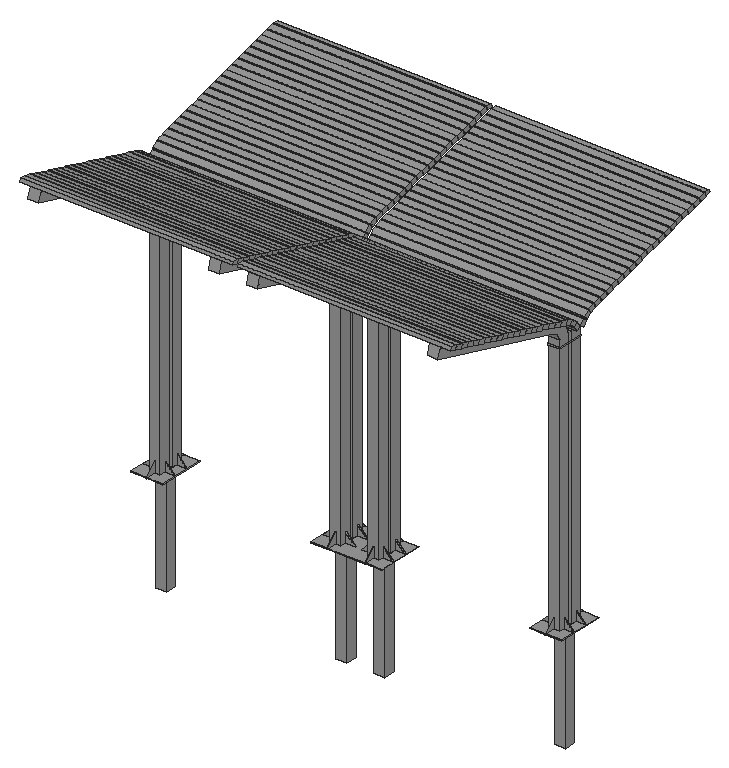
Revit family "28546 Навес «Кайлас» двойной двухсторонний открытый Хоббика", category Антураж, Revit 2018
Family settings
  На основе рабочей плоскости = Нет
  Всегда вертикально = Да
  При загрузке вырезать с полостями = Нет
  Источник визуального образа = Геометрия семейства
  Общий = Нет
  Точка расчета площади = Нет
Parameters (values of type "Навес «Кайлас» двойной двухсторонний открытый")
  Ширина = 3050 mm  # constant formula
  Цвет отделки = Дерево
  Цвет каркаса = Сталь
  Описание = "Навес «Кайлас» двойной двухсторонний открытый"  # constant formula
  Материал изделия = "Сталь, дерево"  # constant formula
  Изображение типоразмера = Навес «Кайлас» двойной двухсторонний открытый Арт 28546.jpg
  Изготовитель = "ООО «Хоббика»"  # constant formula
  Длина = 4000 mm  # constant formula
  Группа модели = "Навесы и беседки"  # constant formula
  Высота = 3000 mm  # constant formula
  Артикул товара = "Арт. 28546"  # constant formula
  URL = "https://hobbyka.ru/product/naves_kaylas_dvoynoy_dvukhstoronniy_otkrytyy"
Reference planes
  plane 1 "По центру (Вперед/Назад)": y = 0
  plane 2: z = 0
  plane 3 "По центру (Влево/Вправо)": x = 0
  plane 4: x = 4000
  plane 5: y = 3050
  plane 6: z = 3000
Forms (mm)
  Extrusion 1, solid, material "Дерево" <- "Цвет отделки"
    sketch origin (0, 0, 0) x (0, 1, 0) y (0, 0, 1)
      loop
        line (1747.61, 2657.973) -> (1689.827, 2641.814) -> (1700.599, 2603.292) -> (1758.383, 2619.451) -> (1747.61, 2657.973)
      loop
        arc (1680.196, 2639.121) -> (1651.879, 2629.274) -> (1624.997, 2616) r 241.97
        line (1624.997, 2616) -> (1644.894, 2581.3)
        arc (1644.894, 2581.3) -> (1667.333, 2592.379) -> (1690.969, 2600.599) r 201.97
        line (1690.969, 2600.599) -> (1680.196, 2639.121)
      loop
        line (1637.741, 2577) -> (1616.427, 2610.848)
        arc (1616.427, 2610.848) -> (1592.095, 2593.331) -> (1570.117, 2572.94) r 241.97
        line (1570.117, 2572.94) -> (1599.087, 2545.359)
        arc (1599.087, 2545.359) -> (1617.432, 2562.379) -> (1637.741, 2577) r 201.97
      loop
        line (1593.458, 2539.196) -> (1563.373, 2565.558)
        arc (1563.373, 2565.558) -> (1545.05, 2541.828) -> (1529.801, 2516.014) r 241.97
        line (1529.801, 2516.014) -> (1565.436, 2497.843)
        arc (1565.436, 2497.843) -> (1578.163, 2519.389) -> (1593.458, 2539.196) r 201.97
      loop
        line (1815.024, 2676.825) -> (1757.241, 2660.666) -> (1768.013, 2622.144) -> (1825.796, 2638.303) -> (1815.024, 2676.825)
      loop
        line (1882.437, 2695.677) -> (1824.654, 2679.518) -> (1835.427, 2640.996) -> (1893.21, 2657.155) -> (1882.437, 2695.677)
      loop
        line (1949.851, 2714.529) -> (1892.068, 2698.37) -> (1902.841, 2659.848) -> (1960.624, 2676.007) -> (1949.851, 2714.529)
      loop
        line (2017.265, 2733.381) -> (1959.482, 2717.222) -> (1970.254, 2678.7) -> (2028.037, 2694.858) -> (2017.265, 2733.381)
      loop
        line (2084.679, 2752.232) -> (2026.895, 2736.074) -> (2037.668, 2697.552) -> (2095.451, 2713.71) -> (2084.679, 2752.232)
      loop
        line (2152.092, 2771.084) -> (2094.309, 2754.926) -> (2105.082, 2716.403) -> (2162.865, 2732.562) -> (2152.092, 2771.084)
      loop
        line (2219.506, 2789.936) -> (2161.723, 2773.777) -> (2172.495, 2735.255) -> (2230.278, 2751.414) -> (2219.506, 2789.936)
      loop
        line (2286.92, 2808.788) -> (2229.137, 2792.629) -> (2239.909, 2754.107) -> (2297.692, 2770.266) -> (2286.92, 2808.788)
      loop
        line (2354.333, 2827.64) -> (2296.55, 2811.481) -> (2307.323, 2772.959) -> (2365.106, 2789.118) -> (2354.333, 2827.64)
      loop
        line (2421.747, 2846.492) -> (2363.964, 2830.333) -> (2374.736, 2791.811) -> (2432.52, 2807.97) -> (2421.747, 2846.492)
      loop
        line (2489.161, 2865.344) -> (2431.378, 2849.185) -> (2442.15, 2810.663) -> (2499.933, 2826.822) -> (2489.161, 2865.344)
      loop
        line (2556.574, 2884.196) -> (2498.791, 2868.037) -> (2509.564, 2829.515) -> (2567.347, 2845.673) -> (2556.574, 2884.196)
      loop
        line (2623.988, 2903.047) -> (2566.205, 2886.889) -> (2576.977, 2848.367) -> (2634.761, 2864.525) -> (2623.988, 2903.047)
      loop
        line (2691.402, 2921.899) -> (2633.619, 2905.741) -> (2644.391, 2867.218) -> (2702.174, 2883.377) -> (2691.402, 2921.899)
      loop
        line (2758.816, 2940.751) -> (2701.032, 2924.592) -> (2711.805, 2886.07) -> (2769.588, 2902.229) -> (2758.816, 2940.751)
      loop
        line (2826.229, 2959.603) -> (2768.446, 2943.444) -> (2779.219, 2904.922) -> (2837.002, 2921.081) -> (2826.229, 2959.603)
      loop
        line (2893.643, 2978.455) -> (2835.86, 2962.296) -> (2846.632, 2923.774) -> (2904.415, 2939.933) -> (2893.643, 2978.455)
      loop
        line (2961.057, 2997.307) -> (2903.273, 2981.148) -> (2914.046, 2942.626) -> (2971.829, 2958.785) -> (2961.057, 2997.307)
      loop
        line (3023.069, 2973.114) -> (3015.55, 3000) -> (2970.687, 3000) -> (2981.46, 2961.478) -> (3023.069, 2973.114)
      loop
        line (1302.39, 2657.973) -> (1291.617, 2619.451) -> (1349.401, 2603.292) -> (1360.173, 2641.814) -> (1302.39, 2657.973)
      loop
        line (1369.804, 2639.121) -> (1359.031, 2600.599)
        arc (1359.031, 2600.599) -> (1382.667, 2592.379) -> (1405.106, 2581.3) r 201.97
        line (1405.106, 2581.3) -> (1425.003, 2616)
        arc (1425.003, 2616) -> (1398.121, 2629.274) -> (1369.804, 2639.121) r 241.97
      loop
        arc (1412.259, 2577) -> (1432.568, 2562.379) -> (1450.913, 2545.359) r 201.97
        line (1450.913, 2545.359) -> (1479.883, 2572.94)
        arc (1479.883, 2572.94) -> (1457.905, 2593.331) -> (1433.573, 2610.848) r 241.97
        line (1433.573, 2610.848) -> (1412.259, 2577)
      loop
        arc (1456.542, 2539.196) -> (1471.837, 2519.389) -> (1484.564, 2497.843) r 201.97
        line (1484.564, 2497.843) -> (1520.199, 2516.014)
        arc (1520.199, 2516.014) -> (1504.95, 2541.828) -> (1486.627, 2565.558) r 241.97
        line (1486.627, 2565.558) -> (1456.542, 2539.196)
      loop
        line (1234.976, 2676.825) -> (1224.204, 2638.303) -> (1281.987, 2622.144) -> (1292.759, 2660.666) -> (1234.976, 2676.825)
      loop
        line (1167.563, 2695.677) -> (1156.79, 2657.155) -> (1214.573, 2640.996) -> (1225.346, 2679.518) -> (1167.563, 2695.677)
      loop
        line (1100.149, 2714.529) -> (1089.376, 2676.007) -> (1147.159, 2659.848) -> (1157.932, 2698.37) -> (1100.149, 2714.529)
      loop
        line (1032.735, 2733.381) -> (1021.963, 2694.858) -> (1079.746, 2678.7) -> (1090.518, 2717.222) -> (1032.735, 2733.381)
      loop
        line (965.321, 2752.232) -> (954.549, 2713.71) -> (1012.332, 2697.552) -> (1023.105, 2736.074) -> (965.321, 2752.232)
      loop
        line (897.908, 2771.084) -> (887.135, 2732.562) -> (944.918, 2716.403) -> (955.691, 2754.926) -> (897.908, 2771.084)
      loop
        line (830.494, 2789.936) -> (819.722, 2751.414) -> (877.505, 2735.255) -> (888.277, 2773.777) -> (830.494, 2789.936)
      loop
        line (763.08, 2808.788) -> (752.308, 2770.266) -> (810.091, 2754.107) -> (820.863, 2792.629) -> (763.08, 2808.788)
      loop
        line (695.667, 2827.64) -> (684.894, 2789.118) -> (742.677, 2772.959) -> (753.45, 2811.481) -> (695.667, 2827.64)
      loop
        line (628.253, 2846.492) -> (617.48, 2807.97) -> (675.264, 2791.811) -> (686.036, 2830.333) -> (628.253, 2846.492)
      loop
        line (560.839, 2865.344) -> (550.067, 2826.822) -> (607.85, 2810.663) -> (618.622, 2849.185) -> (560.839, 2865.344)
      loop
        line (493.426, 2884.196) -> (482.653, 2845.673) -> (540.436, 2829.515) -> (551.209, 2868.037) -> (493.426, 2884.196)
      loop
        line (426.012, 2903.047) -> (415.239, 2864.525) -> (473.023, 2848.367) -> (483.795, 2886.889) -> (426.012, 2903.047)
      loop
        line (358.598, 2921.899) -> (347.826, 2883.377) -> (405.609, 2867.218) -> (416.381, 2905.741) -> (358.598, 2921.899)
      loop
        line (291.184, 2940.751) -> (280.412, 2902.229) -> (338.195, 2886.07) -> (348.968, 2924.592) -> (291.184, 2940.751)
      loop
        line (223.771, 2959.603) -> (212.998, 2921.081) -> (270.781, 2904.922) -> (281.554, 2943.444) -> (223.771, 2959.603)
      loop
        line (156.357, 2978.455) -> (145.585, 2939.933) -> (203.368, 2923.774) -> (214.14, 2962.296) -> (156.357, 2978.455)
      loop
        line (88.943, 2997.307) -> (78.171, 2958.785) -> (135.954, 2942.626) -> (146.727, 2981.148) -> (88.943, 2997.307)
      loop
        line (26.931, 2973.114) -> (68.54, 2961.478) -> (79.313, 3000) -> (34.45, 3000) -> (26.931, 2973.114)
    from 0 to 1975
  Extrusion 2, solid, material "Сталь" <- "Цвет каркаса"
    sketch origin (0, 0, 0) x (0, 1, 0) y (0, 0, 1)
      loop
        line (1545, 2431.527) -> (1545, 0) -> (1645, 0) -> (1645, 2424.129)
        arc (1645, 2424.129) -> (1669.921, 2474.696) -> (1717.9, 2504.294) r 101.97
        line (1717.9, 2504.294) -> (3050, 2876.808) -> (3023.069, 2973.114) -> (1690.969, 2600.599)
        arc (1690.969, 2600.599) -> (1592.485, 2538.078) -> (1545, 2431.527) r 201.97
      loop
        arc (1505, 2431.527) -> (1457.515, 2538.078) -> (1359.031, 2600.599) r 201.97
        line (1359.031, 2600.599) -> (26.931, 2973.114) -> (0, 2876.808) -> (1332.1, 2504.294)
        arc (1332.1, 2504.294) -> (1380.079, 2474.696) -> (1405, 2424.129) r 101.97
        line (1405, 2424.129) -> (1405, 0) -> (1505, 0) -> (1505, 2431.527)
    from 100 to 200
  Extrusion 3, solid, material "Сталь" <- "Цвет каркаса"
    sketch origin (0, 0, 0) x (0, 1, 0) y (0, 0, 1)
      loop
        arc (1505, 2431.527) -> (1457.515, 2538.078) -> (1359.031, 2600.599) r 201.97
        line (1359.031, 2600.599) -> (26.931, 2973.114) -> (0, 2876.808) -> (1332.1, 2504.294)
        arc (1332.1, 2504.294) -> (1380.079, 2474.696) -> (1405, 2424.129) r 101.97
        line (1405, 2424.129) -> (1405, 5) -> (1452.5, 5) -> (1452.5, 100) -> (1457.5, 100) -> (1457.5, 5) -> (1505, 5) -> (1505, 2431.527)
      loop
        line (1545, 5) -> (1592.5, 5) -> (1592.5, 100) -> (1597.5, 100) -> (1597.5, 5) -> (1645, 5) -> (1645, 2424.129)
        arc (1645, 2424.129) -> (1669.921, 2474.696) -> (1717.9, 2504.294) r 101.97
        line (1717.9, 2504.294) -> (3050, 2876.808) -> (3023.069, 2973.114) -> (1690.969, 2600.599)
        arc (1690.969, 2600.599) -> (1592.485, 2538.078) -> (1545, 2431.527) r 201.97
        line (1545, 2431.527) -> (1545, 5)
    from 1775 to 1875
  Extrusion 4, solid, material "Сталь" <- "Цвет каркаса"
    sketch origin (0, 0, 0) x (0, 1, 0) y (0, 0, 1)
      loop
        arc (1505, 2431.527) -> (1457.515, 2538.078) -> (1359.031, 2600.599) r 201.97
        line (1359.031, 2600.599) -> (26.931, 2973.114) -> (0, 2876.808) -> (1332.1, 2504.294)
        arc (1332.1, 2504.294) -> (1380.079, 2474.696) -> (1405, 2424.129) r 101.97
        line (1405, 2424.129) -> (1405, 5) -> (1452.5, 5) -> (1452.5, 100) -> (1457.5, 100) -> (1457.5, 5) -> (1505, 5) -> (1505, 2431.527)
      loop
        line (1545, 5) -> (1592.5, 5) -> (1592.5, 100) -> (1597.5, 100) -> (1597.5, 5) -> (1645, 5) -> (1645, 2424.129)
        arc (1645, 2424.129) -> (1669.921, 2474.696) -> (1717.9, 2504.294) r 101.97
        line (1717.9, 2504.294) -> (3050, 2876.808) -> (3023.069, 2973.114) -> (1690.969, 2600.599)
        arc (1690.969, 2600.599) -> (1592.485, 2538.078) -> (1545, 2431.527) r 201.97
        line (1545, 2431.527) -> (1545, 5)
    from 2125 to 2225
  Extrusion 5, solid, material "Сталь" <- "Цвет каркаса"
    sketch origin (0, 0, 0) x (0, 1, 0) y (0, 0, 1)
      loop
        arc (1505, 2431.527) -> (1457.515, 2538.078) -> (1359.031, 2600.599) r 201.97
        line (1359.031, 2600.599) -> (26.931, 2973.114) -> (0, 2876.808) -> (1332.1, 2504.294)
        arc (1332.1, 2504.294) -> (1380.079, 2474.696) -> (1405, 2424.129) r 101.97
        line (1405, 2424.129) -> (1405, 5) -> (1452.5, 5) -> (1452.5, 100) -> (1457.5, 100) -> (1457.5, 5) -> (1505, 5) -> (1505, 2431.527)
      loop
        line (1545, 5) -> (1592.5, 5) -> (1592.5, 100) -> (1597.5, 100) -> (1597.5, 5) -> (1645, 5) -> (1645, 2424.129)
        arc (1645, 2424.129) -> (1669.921, 2474.696) -> (1717.9, 2504.294) r 101.97
        line (1717.9, 2504.294) -> (3050, 2876.808) -> (3023.069, 2973.114) -> (1690.969, 2600.599)
        arc (1690.969, 2600.599) -> (1592.485, 2538.078) -> (1545, 2431.527) r 201.97
        line (1545, 2431.527) -> (1545, 5)
    from 3800 to 3900
  Extrusion 6, solid, material "Сталь" <- "Цвет каркаса"
    sketch origin (0, 0, 0) x (1, 0, 0) y (0, 1, 0)
      loop
        line (100, 1475) -> (200, 1475) -> (200, 1575) -> (100, 1575) -> (100, 1475)
      loop
        line (1775, 1475) -> (1875, 1475) -> (1875, 1575) -> (1775, 1575) -> (1775, 1475)
      loop
        line (2125, 1475) -> (2225, 1475) -> (2225, 1575) -> (2125, 1575) -> (2125, 1475)
      loop
        line (3800, 1475) -> (3900, 1475) -> (3900, 1575) -> (3800, 1575) -> (3800, 1475)
    from 0 to -1000
  Extrusion 7, solid, material "Сталь" <- "Цвет каркаса"
    sketch origin (0, 0, 0) x (1, 0, 0) y (0, 1, 0)
      loop
        line (300, 1310) -> (300, 1740) -> (0, 1740) -> (0, 1310) -> (300, 1310)
      loop
        line (1675, 1740) -> (1675, 1310) -> (2325, 1310) -> (2325, 1740) -> (1675, 1740)
      loop
        line (4000, 1310) -> (4000, 1740) -> (3700, 1740) -> (3700, 1310) -> (4000, 1310)
    from 0 to 5
  Extrusion 8, solid, material "Сталь" <- "Цвет каркаса"
    sketch origin (0, 0, 0) x (0, 1, 0) y (0, 0, 1)
      loop
        line (1645, 0) -> (1745, 0) -> (1645, 100) -> (1645, 0)
      loop
        line (1405, 100) -> (1305, 0) -> (1405, 0) -> (1405, 100)
    from 147.5 to 152.5
  Extrusion 9, solid, material "Сталь" <- "Цвет каркаса"
    sketch origin (0, 0, 0) x (1, 0, 0) y (0, 0, 1)
      loop
        line (100, 100) -> (0, 0) -> (100, 0) -> (100, 100)
      loop
        line (200, 100) -> (200, 0) -> (300, 0) -> (200, 100)
      loop
        line (1775, 100) -> (1675, 0) -> (1775, 0) -> (1775, 100)
      loop
        line (1875, 100) -> (1875, 0) -> (1975, 0) -> (1875, 100)
      loop
        line (2125, 100) -> (2025, 0) -> (2125, 0) -> (2125, 100)
      loop
        line (2225, 100) -> (2225, 0) -> (2325, 0) -> (2225, 100)
      loop
        line (3800, 100) -> (3700, 0) -> (3800, 0) -> (3800, 100)
      loop
        line (3900, 100) -> (3900, 0) -> (4000, 0) -> (3900, 100)
    from -1457.5 to -1452.5
  Extrusion 10, solid, material "Сталь" <- "Цвет каркаса"
    sketch origin (0, 0, 0) x (1, 0, 0) y (0, 0, 1)
      loop
        line (100, 100) -> (0, 0) -> (100, 0) -> (100, 100)
      loop
        line (200, 100) -> (200, 0) -> (300, 0) -> (200, 100)
      loop
        line (1775, 100) -> (1675, 0) -> (1775, 0) -> (1775, 100)
      loop
        line (1875, 100) -> (1875, 0) -> (1975, 0) -> (1875, 100)
      loop
        line (2125, 100) -> (2025, 0) -> (2125, 0) -> (2125, 100)
      loop
        line (2225, 100) -> (2225, 0) -> (2325, 0) -> (2225, 100)
      loop
        line (3800, 100) -> (3700, 0) -> (3800, 0) -> (3800, 100)
      loop
        line (3900, 100) -> (3900, 0) -> (4000, 0) -> (3900, 100)
    from -1597.5 to -1592.5
  Extrusion 11, solid, material "Сталь" <- "Цвет каркаса"
    sketch origin (0, 0, 0) x (0, 1, 0) y (0, 0, 1)
      loop
        line (1645, 0) -> (1745, 0) -> (1645, 100) -> (1645, 0)
      loop
        line (1405, 100) -> (1305, 0) -> (1405, 0) -> (1405, 100)
    from 1822.5 to 1827.5
  Extrusion 12, solid, material "Сталь" <- "Цвет каркаса"
    sketch origin (0, 0, 0) x (0, 1, 0) y (0, 0, 1)
      loop
        line (1645, 0) -> (1745, 0) -> (1645, 100) -> (1645, 0)
      loop
        line (1405, 100) -> (1305, 0) -> (1405, 0) -> (1405, 100)
    from 2172.5 to 2177.5
  Extrusion 13, solid, material "Сталь" <- "Цвет каркаса"
    sketch origin (0, 0, 0) x (0, 1, 0) y (0, 0, 1)
      loop
        line (1645, 0) -> (1745, 0) -> (1645, 100) -> (1645, 0)
      loop
        line (1405, 100) -> (1305, 0) -> (1405, 0) -> (1405, 100)
    from 3847.5 to 3852.5
  Extrusion 14, solid, material "Сталь" <- "Цвет каркаса"
    sketch origin (0, 0, 0) x (1, 0, 0) y (0, 1, 0)
      loop
        line (100, 1645) -> (100, 1405) -> (200, 1405) -> (200, 1645) -> (100, 1645)
      loop
        line (95, 1650) -> (95, 1400) -> (205, 1400) -> (205, 1650) -> (95, 1650)
      loop
        line (1775, 1645) -> (1775, 1405) -> (1875, 1405) -> (1875, 1645) -> (1775, 1645)
      loop
        line (1770, 1650) -> (1770, 1400) -> (1880, 1400) -> (1880, 1650) -> (1770, 1650)
      loop
        line (2125, 1645) -> (2125, 1405) -> (2225, 1405) -> (2225, 1645) -> (2125, 1645)
      loop
        line (2120, 1650) -> (2120, 1400) -> (2230, 1400) -> (2230, 1650) -> (2120, 1650)
      loop
        line (3800, 1645) -> (3800, 1405) -> (3900, 1405) -> (3900, 1645) -> (3800, 1645)
      loop
        line (3795, 1650) -> (3795, 1400) -> (3905, 1400) -> (3905, 1650) -> (3795, 1650)
    from 2350 to 2360
  Extrusion 15, solid, material "Дерево" <- "Цвет отделки"
    sketch origin (0, 0, 0) x (0, 1, 0) y (0, 0, 1)
      loop
        line (1747.61, 2657.973) -> (1689.827, 2641.814) -> (1700.599, 2603.292) -> (1758.383, 2619.451) -> (1747.61, 2657.973)
      loop
        arc (1680.196, 2639.121) -> (1651.879, 2629.274) -> (1624.997, 2616) r 241.97
        line (1624.997, 2616) -> (1644.894, 2581.3)
        arc (1644.894, 2581.3) -> (1667.333, 2592.379) -> (1690.969, 2600.599) r 201.97
        line (1690.969, 2600.599) -> (1680.196, 2639.121)
      loop
        line (1637.741, 2577) -> (1616.427, 2610.848)
        arc (1616.427, 2610.848) -> (1592.095, 2593.331) -> (1570.117, 2572.94) r 241.97
        line (1570.117, 2572.94) -> (1599.087, 2545.359)
        arc (1599.087, 2545.359) -> (1617.432, 2562.379) -> (1637.741, 2577) r 201.97
      loop
        line (1593.458, 2539.196) -> (1563.373, 2565.558)
        arc (1563.373, 2565.558) -> (1545.05, 2541.828) -> (1529.801, 2516.014) r 241.97
        line (1529.801, 2516.014) -> (1565.436, 2497.843)
        arc (1565.436, 2497.843) -> (1578.163, 2519.389) -> (1593.458, 2539.196) r 201.97
      loop
        line (1815.024, 2676.825) -> (1757.241, 2660.666) -> (1768.013, 2622.144) -> (1825.796, 2638.303) -> (1815.024, 2676.825)
      loop
        line (1882.437, 2695.677) -> (1824.654, 2679.518) -> (1835.427, 2640.996) -> (1893.21, 2657.155) -> (1882.437, 2695.677)
      loop
        line (1949.851, 2714.529) -> (1892.068, 2698.37) -> (1902.841, 2659.848) -> (1960.624, 2676.007) -> (1949.851, 2714.529)
      loop
        line (2017.265, 2733.381) -> (1959.482, 2717.222) -> (1970.254, 2678.7) -> (2028.037, 2694.858) -> (2017.265, 2733.381)
      loop
        line (2084.679, 2752.232) -> (2026.895, 2736.074) -> (2037.668, 2697.552) -> (2095.451, 2713.71) -> (2084.679, 2752.232)
      loop
        line (2152.092, 2771.084) -> (2094.309, 2754.926) -> (2105.082, 2716.403) -> (2162.865, 2732.562) -> (2152.092, 2771.084)
      loop
        line (2219.506, 2789.936) -> (2161.723, 2773.777) -> (2172.495, 2735.255) -> (2230.278, 2751.414) -> (2219.506, 2789.936)
      loop
        line (2286.92, 2808.788) -> (2229.137, 2792.629) -> (2239.909, 2754.107) -> (2297.692, 2770.266) -> (2286.92, 2808.788)
      loop
        line (2354.333, 2827.64) -> (2296.55, 2811.481) -> (2307.323, 2772.959) -> (2365.106, 2789.118) -> (2354.333, 2827.64)
      loop
        line (2421.747, 2846.492) -> (2363.964, 2830.333) -> (2374.736, 2791.811) -> (2432.52, 2807.97) -> (2421.747, 2846.492)
      loop
        line (2489.161, 2865.344) -> (2431.378, 2849.185) -> (2442.15, 2810.663) -> (2499.933, 2826.822) -> (2489.161, 2865.344)
      loop
        line (2556.574, 2884.196) -> (2498.791, 2868.037) -> (2509.564, 2829.515) -> (2567.347, 2845.673) -> (2556.574, 2884.196)
      loop
        line (2623.988, 2903.047) -> (2566.205, 2886.889) -> (2576.977, 2848.367) -> (2634.761, 2864.525) -> (2623.988, 2903.047)
      loop
        line (2691.402, 2921.899) -> (2633.619, 2905.741) -> (2644.391, 2867.218) -> (2702.174, 2883.377) -> (2691.402, 2921.899)
      loop
        line (2758.816, 2940.751) -> (2701.032, 2924.592) -> (2711.805, 2886.07) -> (2769.588, 2902.229) -> (2758.816, 2940.751)
      loop
        line (2826.229, 2959.603) -> (2768.446, 2943.444) -> (2779.219, 2904.922) -> (2837.002, 2921.081) -> (2826.229, 2959.603)
      loop
        line (2893.643, 2978.455) -> (2835.86, 2962.296) -> (2846.632, 2923.774) -> (2904.415, 2939.933) -> (2893.643, 2978.455)
      loop
        line (2961.057, 2997.307) -> (2903.273, 2981.148) -> (2914.046, 2942.626) -> (2971.829, 2958.785) -> (2961.057, 2997.307)
      loop
        line (3023.069, 2973.114) -> (3015.55, 3000) -> (2970.687, 3000) -> (2981.46, 2961.478) -> (3023.069, 2973.114)
      loop
        line (1302.39, 2657.973) -> (1291.617, 2619.451) -> (1349.401, 2603.292) -> (1360.173, 2641.814) -> (1302.39, 2657.973)
      loop
        line (1369.804, 2639.121) -> (1359.031, 2600.599)
        arc (1359.031, 2600.599) -> (1382.667, 2592.379) -> (1405.106, 2581.3) r 201.97
        line (1405.106, 2581.3) -> (1425.003, 2616)
        arc (1425.003, 2616) -> (1398.121, 2629.274) -> (1369.804, 2639.121) r 241.97
      loop
        arc (1412.259, 2577) -> (1432.568, 2562.379) -> (1450.913, 2545.359) r 201.97
        line (1450.913, 2545.359) -> (1479.883, 2572.94)
        arc (1479.883, 2572.94) -> (1457.905, 2593.331) -> (1433.573, 2610.848) r 241.97
        line (1433.573, 2610.848) -> (1412.259, 2577)
      loop
        arc (1456.542, 2539.196) -> (1471.837, 2519.389) -> (1484.564, 2497.843) r 201.97
        line (1484.564, 2497.843) -> (1520.199, 2516.014)
        arc (1520.199, 2516.014) -> (1504.95, 2541.828) -> (1486.627, 2565.558) r 241.97
        line (1486.627, 2565.558) -> (1456.542, 2539.196)
      loop
        line (1234.976, 2676.825) -> (1224.204, 2638.303) -> (1281.987, 2622.144) -> (1292.759, 2660.666) -> (1234.976, 2676.825)
      loop
        line (1167.563, 2695.677) -> (1156.79, 2657.155) -> (1214.573, 2640.996) -> (1225.346, 2679.518) -> (1167.563, 2695.677)
      loop
        line (1100.149, 2714.529) -> (1089.376, 2676.007) -> (1147.159, 2659.848) -> (1157.932, 2698.37) -> (1100.149, 2714.529)
      loop
        line (1032.735, 2733.381) -> (1021.963, 2694.858) -> (1079.746, 2678.7) -> (1090.518, 2717.222) -> (1032.735, 2733.381)
      loop
        line (965.321, 2752.232) -> (954.549, 2713.71) -> (1012.332, 2697.552) -> (1023.105, 2736.074) -> (965.321, 2752.232)
      loop
        line (897.908, 2771.084) -> (887.135, 2732.562) -> (944.918, 2716.403) -> (955.691, 2754.926) -> (897.908, 2771.084)
      loop
        line (830.494, 2789.936) -> (819.722, 2751.414) -> (877.505, 2735.255) -> (888.277, 2773.777) -> (830.494, 2789.936)
      loop
        line (763.08, 2808.788) -> (752.308, 2770.266) -> (810.091, 2754.107) -> (820.863, 2792.629) -> (763.08, 2808.788)
      loop
        line (695.667, 2827.64) -> (684.894, 2789.118) -> (742.677, 2772.959) -> (753.45, 2811.481) -> (695.667, 2827.64)
      loop
        line (628.253, 2846.492) -> (617.48, 2807.97) -> (675.264, 2791.811) -> (686.036, 2830.333) -> (628.253, 2846.492)
      loop
        line (560.839, 2865.344) -> (550.067, 2826.822) -> (607.85, 2810.663) -> (618.622, 2849.185) -> (560.839, 2865.344)
      loop
        line (493.426, 2884.196) -> (482.653, 2845.673) -> (540.436, 2829.515) -> (551.209, 2868.037) -> (493.426, 2884.196)
      loop
        line (426.012, 2903.047) -> (415.239, 2864.525) -> (473.023, 2848.367) -> (483.795, 2886.889) -> (426.012, 2903.047)
      loop
        line (358.598, 2921.899) -> (347.826, 2883.377) -> (405.609, 2867.218) -> (416.381, 2905.741) -> (358.598, 2921.899)
      loop
        line (291.184, 2940.751) -> (280.412, 2902.229) -> (338.195, 2886.07) -> (348.968, 2924.592) -> (291.184, 2940.751)
      loop
        line (223.771, 2959.603) -> (212.998, 2921.081) -> (270.781, 2904.922) -> (281.554, 2943.444) -> (223.771, 2959.603)
      loop
        line (156.357, 2978.455) -> (145.585, 2939.933) -> (203.368, 2923.774) -> (214.14, 2962.296) -> (156.357, 2978.455)
      loop
        line (88.943, 2997.307) -> (78.171, 2958.785) -> (135.954, 2942.626) -> (146.727, 2981.148) -> (88.943, 2997.307)
      loop
        line (26.931, 2973.114) -> (68.54, 2961.478) -> (79.313, 3000) -> (34.45, 3000) -> (26.931, 2973.114)
    from 2025 to 4000
Cuts and joins
  joined: Extrusion 2, Extrusion 3, Extrusion 4, Extrusion 5, Extrusion 7, Extrusion 8, Extrusion 9, Extrusion 10, Extrusion 11, Extrusion 12, Extrusion 13
Dimensions and locks
  "Длина": plane 4 to plane 3 "По центру (Влево/Вправо)"
  "Ширина": plane 5 to plane 1 "По центру (Вперед/Назад)"
  "Высота": plane 6 to plane 2
  aligned and locked: level to plane 2
Automatic sketch dimensions
  Extrusion 1 sketch curve to Extrusion 1 sketch curve = 0 mm  (x60)
  Extrusion 1 sketch curve to plane 6 = 0 mm  (x2)
  Extrusion 1 sketch curve to plane 1 "По центру (Вперед/Назад)" = 26.931 mm
  Extrusion 1 sketch curve to Extrusion 1 sketch curve = 7.519 mm
  Extrusion 1 sketch curve to plane 6 = 38.522 mm  (x2)
  Extrusion 1 sketch curve to Extrusion 1 sketch curve = 41.609 mm
  Extrusion 1 sketch curve to Extrusion 1 sketch curve = 9.631 mm  (x80)
  Extrusion 1 sketch curve to plane 6 = 2.693 mm  (x2)
  Extrusion 1 sketch curve to plane 6 = 57.374 mm  (x2)
  Extrusion 1 sketch curve to Extrusion 1 sketch curve = 57.783 mm
  Extrusion 1 sketch curve to plane 6 = 60.067 mm
  Extrusion 1 sketch curve to plane 6 = 21.545 mm  (x2)
  Extrusion 1 sketch curve to plane 6 = 76.226 mm  (x2)
  Extrusion 1 sketch curve to plane 6 = 78.919 mm
  Extrusion 1 sketch curve to plane 6 = 40.397 mm  (x2)
  Extrusion 1 sketch curve to plane 6 = 95.078 mm  (x2)
  Extrusion 1 sketch curve to plane 6 = 97.771 mm
  Extrusion 1 sketch curve to plane 6 = 59.249 mm  (x2)
  Extrusion 1 sketch curve to plane 6 = 113.93 mm  (x2)
  Extrusion 1 sketch curve to plane 6 = 116.623 mm
  Extrusion 1 sketch curve to plane 6 = 78.101 mm  (x2)
  Extrusion 1 sketch curve to plane 6 = 132.782 mm  (x2)
  Extrusion 1 sketch curve to plane 6 = 135.475 mm
  Extrusion 1 sketch curve to plane 6 = 96.953 mm  (x2)
  Extrusion 1 sketch curve to plane 6 = 151.633 mm  (x2)
  Extrusion 1 sketch curve to plane 6 = 154.327 mm
  Extrusion 1 sketch curve to plane 6 = 115.804 mm  (x2)
  Extrusion 1 sketch curve to plane 6 = 170.485 mm  (x2)
  Extrusion 1 sketch curve to plane 6 = 173.178 mm
  Extrusion 1 sketch curve to plane 6 = 134.656 mm  (x2)
  Extrusion 1 sketch curve to plane 6 = 189.337 mm  (x2)
  Extrusion 1 sketch curve to plane 6 = 192.03 mm
  Extrusion 1 sketch curve to plane 6 = 153.508 mm  (x2)
  Extrusion 1 sketch curve to plane 6 = 208.189 mm  (x2)
  Extrusion 1 sketch curve to plane 6 = 210.882 mm
  Extrusion 1 sketch curve to plane 6 = 172.36 mm  (x2)
  Extrusion 1 sketch curve to plane 6 = 227.041 mm  (x2)
  Extrusion 1 sketch curve to plane 6 = 229.734 mm
  Extrusion 1 sketch curve to plane 6 = 191.212 mm  (x2)
  Extrusion 1 sketch curve to plane 6 = 245.893 mm  (x2)
  Extrusion 1 sketch curve to plane 6 = 248.586 mm
  Extrusion 1 sketch curve to plane 6 = 210.064 mm  (x2)
  Extrusion 1 sketch curve to plane 6 = 264.745 mm  (x2)
  Extrusion 1 sketch curve to plane 6 = 267.438 mm
  Extrusion 1 sketch curve to plane 6 = 228.916 mm  (x2)
  Extrusion 1 sketch curve to plane 6 = 283.597 mm  (x2)
  Extrusion 1 sketch curve to plane 6 = 286.29 mm
  Extrusion 1 sketch curve to plane 6 = 247.768 mm  (x2)
  Extrusion 1 sketch curve to plane 6 = 302.448 mm  (x2)
  Extrusion 1 sketch curve to plane 6 = 305.142 mm
  Extrusion 1 sketch curve to plane 6 = 266.619 mm  (x2)
  Extrusion 1 sketch curve to plane 6 = 321.3 mm  (x2)
  Extrusion 1 sketch curve to plane 6 = 323.993 mm
  Extrusion 1 sketch curve to plane 6 = 285.471 mm  (x2)
  Extrusion 1 sketch curve to plane 6 = 340.152 mm  (x2)
  Extrusion 1 sketch curve to plane 6 = 342.845 mm
  Extrusion 1 sketch curve to plane 6 = 304.323 mm  (x2)
  Extrusion 1 sketch curve to plane 6 = 359.004 mm  (x2)
  Extrusion 1 sketch curve to plane 6 = 361.697 mm
  Extrusion 1 sketch curve to plane 6 = 323.175 mm  (x2)
  Extrusion 1 sketch curve to plane 6 = 377.856 mm  (x2)
  Extrusion 1 sketch curve to plane 6 = 380.549 mm
  Extrusion 1 sketch curve to plane 6 = 342.027 mm  (x2)
  Extrusion 1 sketch curve to Extrusion 1 sketch curve = 13.021 mm
  Extrusion 1 sketch curve to plane 6 = 396.708 mm  (x2)
  Extrusion 1 sketch curve to plane 6 = 399.401 mm  (x2)
  Extrusion 1 sketch curve to plane 6 = 360.879 mm  (x2)
  Extrusion 1 sketch curve to plane 6 = 418.7 mm  (x2)
  Extrusion 1 sketch curve to Extrusion 1 sketch curve = 46.075 mm
  Extrusion 1 sketch curve to plane 6 = 423 mm  (x2)
  Extrusion 1 sketch curve to Extrusion 1 sketch curve = 7.153 mm  (x2)
  Extrusion 1 sketch curve to plane 6 = 384 mm  (x2)
  Extrusion 1 sketch curve to plane 6 = 389.152 mm  (x2)
  Extrusion 1 sketch curve to Extrusion 1 sketch curve = 8.57 mm  (x2)
  Extrusion 1 sketch curve to plane 6 = 454.641 mm  (x2)
  Extrusion 1 sketch curve to plane 6 = 460.804 mm  (x2)
  Extrusion 1 sketch curve to Extrusion 1 sketch curve = 5.629 mm  (x2)
  Extrusion 1 sketch curve to plane 6 = 427.06 mm  (x2)
  Extrusion 1 sketch curve to plane 6 = 502.157 mm  (x2)
  Extrusion 1 sketch curve to plane 6 = 434.442 mm  (x2)
  Extrusion 1 sketch curve to Extrusion 1 sketch curve = 6.744 mm  (x2)
  Extrusion 1 sketch curve to plane 6 = 483.986 mm  (x2)
  Extrusion 1 sketch curve to Extrusion 1 sketch curve = 9.603 mm
  Extrusion 1 sketch curve to Extrusion 1 sketch curve = 33.572 mm
  Extrusion 1 sketch curve to Extrusion 1 sketch curve = 35.634 mm
  Extrusion 1 sketch curve to Extrusion 1 sketch curve = 46.31 mm
  Extrusion 1 sketch curve to plane 6 = 358.186 mm
  Extrusion 1 sketch curve to plane 6 = 339.334 mm
  Extrusion 1 sketch curve to plane 6 = 320.482 mm
  Extrusion 1 sketch curve to plane 6 = 301.63 mm
  Extrusion 1 sketch curve to plane 6 = 282.778 mm
  Extrusion 1 sketch curve to plane 6 = 263.926 mm
  Extrusion 1 sketch curve to plane 6 = 245.074 mm
  Extrusion 1 sketch curve to plane 6 = 226.223 mm
  Extrusion 1 sketch curve to plane 6 = 207.371 mm
  Extrusion 1 sketch curve to plane 6 = 188.519 mm
  Extrusion 1 sketch curve to plane 6 = 169.667 mm
  Extrusion 1 sketch curve to plane 6 = 150.815 mm
  Extrusion 1 sketch curve to plane 6 = 131.963 mm
  Extrusion 1 sketch curve to plane 6 = 113.111 mm
  Extrusion 1 sketch curve to plane 6 = 94.259 mm
  Extrusion 1 sketch curve to plane 6 = 75.408 mm
  Extrusion 1 sketch curve to plane 6 = 56.556 mm
  Extrusion 1 sketch curve to plane 6 = 37.704 mm
  Extrusion 1 sketch curve to plane 6 = 18.852 mm
  Extrusion 1 sketch curve to plane 5 = 34.45 mm
  Extrusion 2 sketch curve to Extrusion 2 sketch curve = 0 mm  (x4)
  Extrusion 2 sketch curve to plane 1 "По центру (Вперед/Назад)" = 0 mm
  Extrusion 2 sketch curve to level = 0 mm
  level to Extrusion 2 sketch curve = 0 mm
  Extrusion 2 sketch curve to plane 5 = 0 mm
  Extrusion 2 sketch curve to plane 1 "По центру (Вперед/Назад)" = 26.931 mm
  Extrusion 2 sketch curve to plane 6 = 593.909 mm
  Extrusion 2 sketch curve to plane 1 "По центру (Вперед/Назад)" = 1304.638 mm
  Extrusion 2 sketch curve to plane 6 = 495.706 mm  (x2)
  Extrusion 2 sketch curve to Extrusion 2 sketch curve = 27.462 mm  (x2)
  Extrusion 2 sketch curve to plane 6 = 399.401 mm  (x2)
  Extrusion 2 sketch curve to Extrusion 2 sketch curve = 26.931 mm  (x2)
  Extrusion 2 sketch curve to plane 1 "По центру (Вперед/Назад)" = 1405 mm
  Extrusion 2 sketch curve to Extrusion 2 sketch curve = 100 mm  (x2)
  Extrusion 2 sketch curve to Extrusion 2 sketch curve = 40 mm
  Extrusion 2 sketch curve to Extrusion 2 sketch curve = 45.969 mm
  Extrusion 2 sketch curve to plane 5 = 26.931 mm
  Extrusion 2 sketch curve to Extrusion 2 sketch curve = 98.203 mm
  Extrusion 3 sketch curve to Extrusion 3 sketch curve = 0 mm  (x4)
  Extrusion 3 sketch curve to plane 1 "По центру (Вперед/Назад)" = 0 mm
  Extrusion 3 sketch curve to plane 5 = 0 mm
  Extrusion 3 sketch curve to plane 1 "По центру (Вперед/Назад)" = 26.931 mm
  Extrusion 3 sketch curve to plane 6 = 593.909 mm
  Extrusion 3 sketch curve to plane 1 "По центру (Вперед/Назад)" = 1304.638 mm
  Extrusion 3 sketch curve to plane 6 = 495.706 mm  (x2)
  Extrusion 3 sketch curve to Extrusion 3 sketch curve = 27.462 mm  (x2)
  Extrusion 3 sketch curve to plane 6 = 399.401 mm  (x2)
  Extrusion 3 sketch curve to Extrusion 3 sketch curve = 26.931 mm  (x2)
  level to Extrusion 3 sketch curve = 5 mm  (x4)
  Extrusion 3 sketch curve to plane 1 "По центру (Вперед/Назад)" = 1405 mm
  Extrusion 3 sketch curve to Extrusion 3 sketch curve = 47.5 mm  (x4)
  Extrusion 3 sketch curve to Extrusion 3 sketch curve = 5 mm  (x2)
  Extrusion 3 sketch curve to Extrusion 3 sketch curve = 40 mm
  Extrusion 3 sketch curve to Extrusion 3 sketch curve = 45.969 mm
  Extrusion 3 sketch curve to plane 5 = 26.931 mm
  Extrusion 3 sketch curve to Extrusion 3 sketch curve = 95 mm  (x2)
  Extrusion 3 sketch curve to Extrusion 3 sketch curve = 98.203 mm
  Extrusion 4 sketch curve to Extrusion 4 sketch curve = 0 mm  (x4)
  Extrusion 4 sketch curve to plane 1 "По центру (Вперед/Назад)" = 0 mm
  Extrusion 4 sketch curve to plane 5 = 0 mm
  Extrusion 4 sketch curve to plane 1 "По центру (Вперед/Назад)" = 26.931 mm
  Extrusion 4 sketch curve to plane 6 = 593.909 mm
  Extrusion 4 sketch curve to plane 1 "По центру (Вперед/Назад)" = 1304.638 mm
  Extrusion 4 sketch curve to plane 6 = 495.706 mm  (x2)
  Extrusion 4 sketch curve to Extrusion 4 sketch curve = 27.462 mm  (x2)
  Extrusion 4 sketch curve to plane 6 = 399.401 mm  (x2)
  Extrusion 4 sketch curve to Extrusion 4 sketch curve = 26.931 mm  (x2)
  level to Extrusion 4 sketch curve = 5 mm  (x4)
  Extrusion 4 sketch curve to plane 1 "По центру (Вперед/Назад)" = 1405 mm
  Extrusion 4 sketch curve to Extrusion 4 sketch curve = 47.5 mm  (x4)
  Extrusion 4 sketch curve to Extrusion 4 sketch curve = 5 mm  (x2)
  Extrusion 4 sketch curve to Extrusion 4 sketch curve = 40 mm
  Extrusion 4 sketch curve to Extrusion 4 sketch curve = 45.969 mm
  Extrusion 4 sketch curve to plane 5 = 26.931 mm
  Extrusion 4 sketch curve to Extrusion 4 sketch curve = 95 mm  (x2)
  Extrusion 4 sketch curve to Extrusion 4 sketch curve = 98.203 mm
  Extrusion 5 sketch curve to Extrusion 5 sketch curve = 0 mm  (x4)
  Extrusion 5 sketch curve to plane 1 "По центру (Вперед/Назад)" = 0 mm
  Extrusion 5 sketch curve to plane 5 = 0 mm
  Extrusion 5 sketch curve to plane 1 "По центру (Вперед/Назад)" = 26.931 mm
  Extrusion 5 sketch curve to plane 6 = 593.909 mm
  Extrusion 5 sketch curve to plane 1 "По центру (Вперед/Назад)" = 1304.638 mm
  Extrusion 5 sketch curve to plane 6 = 495.706 mm  (x2)
  Extrusion 5 sketch curve to Extrusion 5 sketch curve = 27.462 mm  (x2)
  Extrusion 5 sketch curve to plane 6 = 399.401 mm  (x2)
  Extrusion 5 sketch curve to Extrusion 5 sketch curve = 26.931 mm  (x2)
  level to Extrusion 5 sketch curve = 5 mm  (x4)
  Extrusion 5 sketch curve to plane 1 "По центру (Вперед/Назад)" = 1405 mm
  Extrusion 5 sketch curve to Extrusion 5 sketch curve = 47.5 mm  (x4)
  Extrusion 5 sketch curve to Extrusion 5 sketch curve = 5 mm  (x2)
  Extrusion 5 sketch curve to Extrusion 5 sketch curve = 40 mm
  Extrusion 5 sketch curve to Extrusion 5 sketch curve = 45.969 mm
  Extrusion 5 sketch curve to plane 5 = 26.931 mm
  Extrusion 5 sketch curve to Extrusion 5 sketch curve = 95 mm  (x2)
  Extrusion 5 sketch curve to Extrusion 5 sketch curve = 98.203 mm
  plane 3 "По центру (Влево/Вправо)" to Extrusion 6 sketch curve = 100 mm
  Extrusion 6 sketch curve to Extrusion 6 sketch curve = 100 mm  (x8)
  Extrusion 6 sketch curve to Extrusion 6 sketch curve = 1575 mm
  Extrusion 6 sketch curve to Extrusion 6 sketch curve = 250 mm
  Extrusion 6 sketch curve to plane 4 = 200 mm
  Extrusion 6 sketch curve to plane 1 "По центру (Вперед/Назад)" = 1475 mm  (x3)
  Extrusion 6 sketch curve to Extrusion 6 sketch curve = 0 mm
  Extrusion 7 sketch curve to plane 3 "По центру (Влево/Вправо)" = 0 mm
  Extrusion 7 sketch curve to plane 4 = 0 mm
  plane 3 "По центру (Влево/Вправо)" to Extrusion 7 sketch curve = 300 mm
  Extrusion 7 sketch curve to Extrusion 7 sketch curve = 1375 mm
  Extrusion 7 sketch curve to Extrusion 7 sketch curve = 650 mm
  Extrusion 7 sketch curve to Extrusion 7 sketch curve = 300 mm
  Extrusion 7 sketch curve to plane 1 "По центру (Вперед/Назад)" = 1310 mm  (x3)
  Extrusion 7 sketch curve to Extrusion 7 sketch curve = 430 mm  (x3)
  Extrusion 8 sketch curve to level = 0 mm
  level to Extrusion 8 sketch curve = 0 mm
  Extrusion 8 sketch curve to plane 1 "По центру (Вперед/Назад)" = 1305 mm
  Extrusion 8 sketch curve to Extrusion 8 sketch curve = 100 mm  (x2)
  Extrusion 8 sketch curve to Extrusion 8 sketch curve = 240 mm
  level to Extrusion 8 sketch curve = 100 mm  (x2)
  Extrusion 9 sketch curve to level = 0 mm  (x8)
  Extrusion 9 sketch curve to plane 3 "По центру (Влево/Вправо)" = 0 mm
  Extrusion 9 sketch curve to plane 4 = 0 mm
  plane 3 "По центру (Влево/Вправо)" to Extrusion 9 sketch curve = 100 mm
  level to Extrusion 9 sketch curve = 100 mm  (x6)
  Extrusion 9 sketch curve to Extrusion 9 sketch curve = 100 mm  (x10)
  Extrusion 9 sketch curve to Extrusion 9 sketch curve = 1375 mm
  Extrusion 9 sketch curve to Extrusion 9 sketch curve = 50 mm
  Extrusion 9 sketch curve to plane 4 = 300 mm
  Extrusion 9 sketch curve to Extrusion 9 sketch curve = 0 mm  (x2)
  Extrusion 10 sketch curve to level = 0 mm  (x8)
  Extrusion 10 sketch curve to plane 3 "По центру (Влево/Вправо)" = 0 mm
  Extrusion 10 sketch curve to plane 4 = 0 mm
  plane 3 "По центру (Влево/Вправо)" to Extrusion 10 sketch curve = 100 mm
  level to Extrusion 10 sketch curve = 100 mm  (x6)
  Extrusion 10 sketch curve to Extrusion 10 sketch curve = 100 mm  (x10)
  Extrusion 10 sketch curve to Extrusion 10 sketch curve = 1375 mm
  Extrusion 10 sketch curve to Extrusion 10 sketch curve = 50 mm
  Extrusion 10 sketch curve to plane 4 = 300 mm
  Extrusion 10 sketch curve to Extrusion 10 sketch curve = 0 mm  (x2)
  Extrusion 11 sketch curve to level = 0 mm
  level to Extrusion 11 sketch curve = 0 mm
  Extrusion 11 sketch curve to plane 1 "По центру (Вперед/Назад)" = 1305 mm
  Extrusion 11 sketch curve to Extrusion 11 sketch curve = 100 mm  (x2)
  Extrusion 11 sketch curve to Extrusion 11 sketch curve = 240 mm
  level to Extrusion 11 sketch curve = 100 mm  (x2)
  Extrusion 12 sketch curve to level = 0 mm
  level to Extrusion 12 sketch curve = 0 mm
  Extrusion 12 sketch curve to plane 1 "По центру (Вперед/Назад)" = 1305 mm
  Extrusion 12 sketch curve to Extrusion 12 sketch curve = 100 mm  (x2)
  Extrusion 12 sketch curve to Extrusion 12 sketch curve = 240 mm
  level to Extrusion 12 sketch curve = 100 mm  (x2)
  Extrusion 13 sketch curve to level = 0 mm
  level to Extrusion 13 sketch curve = 0 mm
  Extrusion 13 sketch curve to plane 1 "По центру (Вперед/Назад)" = 1305 mm
  Extrusion 13 sketch curve to Extrusion 13 sketch curve = 100 mm  (x2)
  Extrusion 13 sketch curve to Extrusion 13 sketch curve = 240 mm
  level to Extrusion 13 sketch curve = 100 mm  (x2)
  Extrusion 15 sketch curve to Extrusion 15 sketch curve = 0 mm  (x60)
  Extrusion 15 sketch curve to plane 6 = 0 mm  (x2)
  Extrusion 15 sketch curve to plane 1 "По центру (Вперед/Назад)" = 26.931 mm
  Extrusion 15 sketch curve to Extrusion 15 sketch curve = 7.519 mm
  Extrusion 15 sketch curve to plane 6 = 38.522 mm  (x2)
  Extrusion 15 sketch curve to Extrusion 15 sketch curve = 41.609 mm
  Extrusion 15 sketch curve to Extrusion 15 sketch curve = 9.631 mm  (x80)
  Extrusion 15 sketch curve to plane 6 = 2.693 mm  (x2)
  Extrusion 15 sketch curve to plane 6 = 57.374 mm  (x2)
  Extrusion 15 sketch curve to Extrusion 15 sketch curve = 57.783 mm
  Extrusion 15 sketch curve to plane 6 = 60.067 mm
  Extrusion 15 sketch curve to plane 6 = 21.545 mm  (x2)
  Extrusion 15 sketch curve to plane 6 = 76.226 mm  (x2)
  Extrusion 15 sketch curve to plane 6 = 78.919 mm
  Extrusion 15 sketch curve to plane 6 = 40.397 mm  (x2)
  Extrusion 15 sketch curve to plane 6 = 95.078 mm  (x2)
  Extrusion 15 sketch curve to plane 6 = 97.771 mm
  Extrusion 15 sketch curve to plane 6 = 59.249 mm  (x2)
  Extrusion 15 sketch curve to plane 6 = 113.93 mm  (x2)
  Extrusion 15 sketch curve to plane 6 = 116.623 mm
  Extrusion 15 sketch curve to plane 6 = 78.101 mm  (x2)
  Extrusion 15 sketch curve to plane 6 = 132.782 mm  (x2)
  Extrusion 15 sketch curve to plane 6 = 135.475 mm
  Extrusion 15 sketch curve to plane 6 = 96.953 mm  (x2)
  Extrusion 15 sketch curve to plane 6 = 151.633 mm  (x2)
  Extrusion 15 sketch curve to plane 6 = 154.327 mm
  Extrusion 15 sketch curve to plane 6 = 115.804 mm  (x2)
  Extrusion 15 sketch curve to plane 6 = 170.485 mm  (x2)
  Extrusion 15 sketch curve to plane 6 = 173.178 mm
  Extrusion 15 sketch curve to plane 6 = 134.656 mm  (x2)
  Extrusion 15 sketch curve to plane 6 = 189.337 mm  (x2)
  Extrusion 15 sketch curve to plane 6 = 192.03 mm
  Extrusion 15 sketch curve to plane 6 = 153.508 mm  (x2)
  Extrusion 15 sketch curve to plane 6 = 208.189 mm  (x2)
  Extrusion 15 sketch curve to plane 6 = 210.882 mm
  Extrusion 15 sketch curve to plane 6 = 172.36 mm  (x2)
  Extrusion 15 sketch curve to plane 6 = 227.041 mm  (x2)
  Extrusion 15 sketch curve to plane 6 = 229.734 mm
  Extrusion 15 sketch curve to plane 6 = 191.212 mm  (x2)
  Extrusion 15 sketch curve to plane 6 = 245.893 mm  (x2)
  Extrusion 15 sketch curve to plane 6 = 248.586 mm
  Extrusion 15 sketch curve to plane 6 = 210.064 mm  (x2)
  Extrusion 15 sketch curve to plane 6 = 264.745 mm  (x2)
  Extrusion 15 sketch curve to plane 6 = 267.438 mm
  Extrusion 15 sketch curve to plane 6 = 228.916 mm  (x2)
  Extrusion 15 sketch curve to plane 6 = 283.597 mm  (x2)
  Extrusion 15 sketch curve to plane 6 = 286.29 mm
  Extrusion 15 sketch curve to plane 6 = 247.768 mm  (x2)
  Extrusion 15 sketch curve to plane 6 = 302.448 mm  (x2)
  Extrusion 15 sketch curve to plane 6 = 305.142 mm
  Extrusion 15 sketch curve to plane 6 = 266.619 mm  (x2)
  Extrusion 15 sketch curve to plane 6 = 321.3 mm  (x2)
  Extrusion 15 sketch curve to plane 6 = 323.993 mm
  Extrusion 15 sketch curve to plane 6 = 285.471 mm  (x2)
  Extrusion 15 sketch curve to plane 6 = 340.152 mm  (x2)
  Extrusion 15 sketch curve to plane 6 = 342.845 mm
  Extrusion 15 sketch curve to plane 6 = 304.323 mm  (x2)
  Extrusion 15 sketch curve to plane 6 = 359.004 mm  (x2)
  Extrusion 15 sketch curve to plane 6 = 361.697 mm
  Extrusion 15 sketch curve to plane 6 = 323.175 mm  (x2)
  Extrusion 15 sketch curve to plane 6 = 377.856 mm  (x2)
  Extrusion 15 sketch curve to plane 6 = 380.549 mm
  Extrusion 15 sketch curve to plane 6 = 342.027 mm  (x2)
  Extrusion 15 sketch curve to Extrusion 15 sketch curve = 13.021 mm
  Extrusion 15 sketch curve to plane 6 = 396.708 mm  (x2)
  Extrusion 15 sketch curve to plane 6 = 399.401 mm  (x2)
  Extrusion 15 sketch curve to plane 6 = 360.879 mm  (x2)
  Extrusion 15 sketch curve to plane 6 = 418.7 mm  (x2)
  Extrusion 15 sketch curve to Extrusion 15 sketch curve = 46.075 mm
  Extrusion 15 sketch curve to plane 6 = 423 mm  (x2)
  Extrusion 15 sketch curve to Extrusion 15 sketch curve = 7.153 mm  (x2)
  Extrusion 15 sketch curve to plane 6 = 384 mm  (x2)
  Extrusion 15 sketch curve to plane 6 = 389.152 mm  (x2)
  Extrusion 15 sketch curve to Extrusion 15 sketch curve = 8.57 mm  (x2)
  Extrusion 15 sketch curve to plane 6 = 454.641 mm  (x2)
  Extrusion 15 sketch curve to plane 6 = 460.804 mm  (x2)
  Extrusion 15 sketch curve to Extrusion 15 sketch curve = 5.629 mm  (x2)
  Extrusion 15 sketch curve to plane 6 = 427.06 mm  (x2)
  Extrusion 15 sketch curve to plane 6 = 502.157 mm  (x2)
  Extrusion 15 sketch curve to plane 6 = 434.442 mm  (x2)
  Extrusion 15 sketch curve to Extrusion 15 sketch curve = 6.744 mm  (x2)
  Extrusion 15 sketch curve to plane 6 = 483.986 mm  (x2)
  Extrusion 15 sketch curve to Extrusion 15 sketch curve = 9.603 mm
  Extrusion 15 sketch curve to Extrusion 15 sketch curve = 33.572 mm
  Extrusion 15 sketch curve to Extrusion 15 sketch curve = 35.634 mm
  Extrusion 15 sketch curve to Extrusion 15 sketch curve = 46.31 mm
  Extrusion 15 sketch curve to plane 6 = 358.186 mm
  Extrusion 15 sketch curve to plane 6 = 339.334 mm
  Extrusion 15 sketch curve to plane 6 = 320.482 mm
  Extrusion 15 sketch curve to plane 6 = 301.63 mm
  Extrusion 15 sketch curve to plane 6 = 282.778 mm
  Extrusion 15 sketch curve to plane 6 = 263.926 mm
  Extrusion 15 sketch curve to plane 6 = 245.074 mm
  Extrusion 15 sketch curve to plane 6 = 226.223 mm
  Extrusion 15 sketch curve to plane 6 = 207.371 mm
  Extrusion 15 sketch curve to plane 6 = 188.519 mm
  Extrusion 15 sketch curve to plane 6 = 169.667 mm
  Extrusion 15 sketch curve to plane 6 = 150.815 mm
  Extrusion 15 sketch curve to plane 6 = 131.963 mm
  Extrusion 15 sketch curve to plane 6 = 113.111 mm
  Extrusion 15 sketch curve to plane 6 = 94.259 mm
  Extrusion 15 sketch curve to plane 6 = 75.408 mm
  Extrusion 15 sketch curve to plane 6 = 56.556 mm
  Extrusion 15 sketch curve to plane 6 = 37.704 mm
  Extrusion 15 sketch curve to plane 6 = 18.852 mm
  Extrusion 15 sketch curve to plane 5 = 34.45 mm
  plane 3 "По центру (Влево/Вправо)" to Extrusion 14 sketch curve = 95 mm
  Extrusion 14 sketch curve to Extrusion 14 sketch curve = 5 mm  (x16)
  Extrusion 14 sketch curve to Extrusion 14 sketch curve = 100 mm  (x4)
  Extrusion 14 sketch curve to Extrusion 14 sketch curve = 1565 mm
  Extrusion 14 sketch curve to Extrusion 14 sketch curve = 240 mm  (x5)
  Extrusion 14 sketch curve to plane 4 = 205 mm
  Extrusion 14 sketch curve to plane 1 "По центру (Вперед/Назад)" = 1400 mm  (x3)
  Extrusion 14 sketch curve to Extrusion 14 sketch curve = 0 mm
